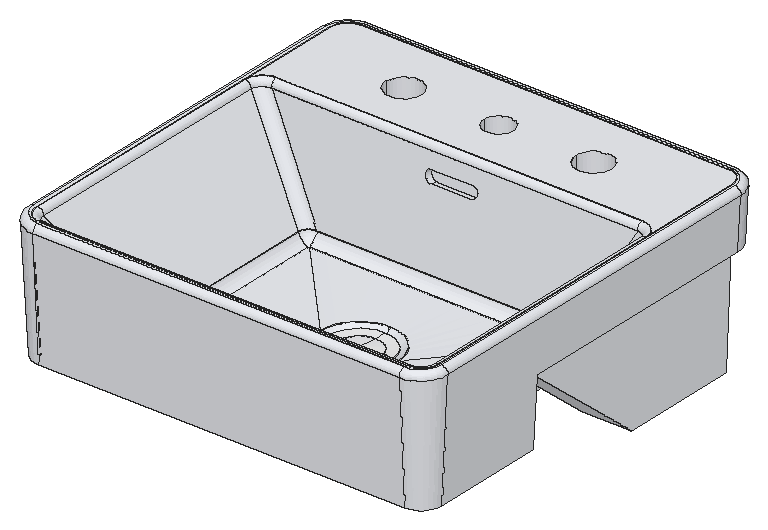
Revit family "CLARK SQUARE 400 SRB", category Plumbing Fixtures, host Face, Revit 2015
Parameters (values of type "CLARK SQUARE 400 SRB 3TH")
  Waste Connection = yes
  Vent Connection = no
  URL = "https://www.clark.com.au/"
  Tap Penetrations = if([3 Tapholes], 80 mm, 5 mm)  # 80 mm
  Spout Penetration = if(or([1 Taphole], [3 Tapholes]), 80 mm, 5 mm)  # 80 mm
  Model = "CL40005-W3"
  Material_Waste = GWA_Metal-Chrome
  Material_Basin = GWA-Porcelain-White
  Manufacturer = "GWA Bathrooms & Kitchens"  # constant formula
  HW Connection = no
  Description = "CLARK SQUARE 400 SRB 3TH"
  Default Elevation = 0 mm
  CreatedBy_ANZRS = "GWA Bathrooms & Kitchens"  # constant formula
  CW Connection = no
  Assembly Code = "D2010400"
  3 Tapholes = yes
  1 Taphole = yes
Types (3, lengths in mm): name | Tap Penetrations | Model | Description | 3 Tapholes
  (no name) | 80 | "CL40005-W3" | "CLARK SQUARE 400 SRB 3TH" | yes
  CLARK SQUARE 400 SRB 1TH | 5 | "CL40005-W1" | "CLARK SQUARE 400 SRB 1TH" | no
  CLARK SQUARE 400 SRB 3TH | 80 | "CL40005-W3" | "CLARK SQUARE 400 SRB 3TH" | yes
Reference planes
  plane 1 "Center (Front/Back)": y = 0
  plane 2: z = 0
  plane 3 "Center (Left/Right)": x = 0
  plane 4: y = 55
  plane 5: y = -55
  plane 6: y = -59.5
  plane 7: y = -45
  plane 8: y = -45
  plane 9: y = -65
Forms (mm)
  Sweep 1, solid, not visible
    path in 3D
      loop
        line (-200, 55, 0) -> (-200, 55, 374)
        arc (-200, 55, 374) -> (-192.385, 55, 392.385) -> (-174, 55, 400) r 26
        line (-174, 55, 400) -> (174, 55, 400)
        arc (174, 55, 400) -> (192.385, 55, 392.385) -> (200, 55, 374) r 26
        line (200, 55, 374) -> (200, 55, 0)
    profile origin (0, 55, 400) x (0, 0, 1) y (0, -1, 0)
      loop
        line (-4, 120) -> (-14, 120) -> (-8.493, 6) -> (-8.5, 0) -> (-6.203, 0)
        arc (-6.203, 0) -> (-1.891, 1.829) -> (-0.207, 6.2) r 6
        line (-0.207, 6.2) -> (-4, 120)
  Sweep 2, solid, not visible
    path in 3D
      loop
        arc (138, -45, 348) -> (145.071, -45, 345.071) -> (148, -45, 338) r 10
        line (148, -45, 338) -> (148, -45, 138)
        arc (148, -45, 138) -> (145.071, -45, 130.929) -> (138, -45, 128) r 10
        line (138, -45, 128) -> (-138, -45, 128)
        arc (-138, -45, 128) -> (-145.071, -45, 130.929) -> (-148, -45, 138) r 10
        line (-148, -45, 138) -> (-148, -45, 338)
        arc (-148, -45, 338) -> (-145.071, -45, 345.071) -> (-138, -45, 348) r 10
        line (-138, -45, 348) -> (138, -45, 348)
    profile origin (0, -45, 348) x (0, 0, 1) y (0, -1, 0)
      loop
        line (0, 0) -> (0, 10) -> (-9.5, 10)
        arc (-9.5, 10) -> (-2.988, 6.674) -> (0, 0) r 11
  Sweep 3, solid, not visible
    path in 3D
      loop
        arc (174, 55, 391.5) -> (186.374, 55, 386.374) -> (191.5, 55, 374) r 17.5
        line (191.5, 55, 374) -> (191.5, 55, 126)
        arc (191.5, 55, 126) -> (186.374, 55, 113.626) -> (174, 55, 108.5) r 17.5
        line (174, 55, 108.5) -> (-174, 55, 108.5)
        arc (-174, 55, 108.5) -> (-186.374, 55, 113.626) -> (-191.5, 55, 126) r 17.5
        line (-191.5, 55, 126) -> (-191.5, 55, 374)
        arc (-191.5, 55, 374) -> (-186.374, 55, 386.374) -> (-174, 55, 391.5) r 17.5
        line (-174, 55, 391.5) -> (174, 55, 391.5)
    profile origin (0, 55, 391.5) x (0, 0, 1) y (0, -1, 0)
      loop
        line (0, 0.007) -> (0.007, 6) -> (-5.993, 6)
        arc (-5.993, 6) -> (-4.236, 1.764) -> (0, 0.007) r 6
  Extrusion 4, solid, not visible
    sketch origin (0, -55, 0) x (0, 0, 1) y (-1, 0, 0)
      loop
        line (348, -138) -> (348, 138)
        arc (348, 138) -> (345.071, 145.071) -> (338, 148) r 10
        line (338, 148) -> (138, 148)
        arc (138, 148) -> (130.929, 145.071) -> (128, 138) r 10
        line (128, 138) -> (128, -138)
        arc (128, -138) -> (130.929, -145.071) -> (138, -148) r 10
        line (138, -148) -> (338, -148)
        arc (338, -148) -> (345.071, -145.071) -> (348, -138) r 10
    from 0 to 10
  Blend 5, void, not visible
    base sketch origin (0, -59.5, 0) x (0, 0, 1) y (-1, 0, 0)
      loop
        circle (238, 0) r 37
    top sketch origin (0, -55, 0) x (0, 0, 1) y (-1, 0, 0)
      loop
        line (338.5, 138.5) -> (137.5, 138.5) -> (137.5, -138.5) -> (338.5, -138.5) -> (338.5, 138.5)
    from 0 to 0
  Blend 6, solid, not visible
    base sketch origin (0, -65, 0) x (0, 0, 1) y (-1, 0, 0)
      loop
        line (354, -144) -> (354, 144)
        arc (354, 144) -> (351.071, 151.071) -> (344, 154) r 10
        line (344, 154) -> (132, 154)
        arc (132, 154) -> (124.929, 151.071) -> (122, 144) r 10
        line (122, 144) -> (122, -144)
        arc (122, -144) -> (124.929, -151.071) -> (132, -154) r 10
        line (132, -154) -> (344, -154)
        arc (344, -154) -> (351.071, -151.071) -> (354, -144) r 10
    top sketch origin (0, -65, 0) x (0, 0, 1) y (-1, 0, 0)
      loop
        line (391.5, -174) -> (391.5, 174)
        arc (391.5, 174) -> (386.374, 186.374) -> (374, 191.507) r 17.5
        line (374, 191.507) -> (126, 191.5)
        arc (126, 191.5) -> (113.626, 186.374) -> (108.493, 174) r 17.5
        line (108.493, 174) -> (108.5, -174)
        arc (108.5, -174) -> (113.626, -186.374) -> (126, -191.507) r 17.5
        line (126, -191.507) -> (374, -191.5)
        arc (374, -191.5) -> (386.374, -186.374) -> (391.5, -174) r 17.5
    from 0 to -114
  Blend 7, void, not visible
    base sketch origin (0, -45, 0) x (0, 0, 1) y (-1, 0, 0)
      loop
        line (338, 148) -> (138, 148)
        arc (138, 148) -> (130.929, 145.071) -> (128, 138) r 10
        line (128, 138) -> (128, -138)
        arc (128, -138) -> (130.929, -145.071) -> (138, -148) r 10
        line (138, -148) -> (338, -148)
        arc (338, -148) -> (345.071, -145.071) -> (348, -138) r 10
        line (348, -138) -> (348, 138)
        arc (348, 138) -> (345.071, 145.071) -> (338, 148) r 10
    top sketch origin (0, -45, 0) x (0, 0, 1) y (-1, 0, 0)
      loop
        line (114.493, 174) -> (114.493, -174)
        arc (114.493, -174) -> (117.863, -182.137) -> (126, -185.507) r 11.507
        line (126, -185.507) -> (374, -185.507)
        arc (374, -185.507) -> (382.137, -182.137) -> (385.507, -174) r 11.507
        line (385.507, -174) -> (385.507, 174)
        arc (385.507, 174) -> (382.137, 182.137) -> (374, 185.507) r 11.507
        line (374, 185.507) -> (126, 185.507)
        arc (126, 185.507) -> (117.863, 182.137) -> (114.493, 174) r 11.507
    from 0 to -94
  Extrusion 8, void, not visible
    sketch origin (0, -45, 0) x (0, 0, 1) y (-1, 0, 0)
      loop
        line (348, -138) -> (348, 138)
        arc (348, 138) -> (345.071, 145.071) -> (338, 148) r 10
        line (338, 148) -> (138, 148)
        arc (138, 148) -> (130.929, 145.071) -> (128, 138) r 10
        line (128, 138) -> (128, -138)
        arc (128, -138) -> (130.929, -145.071) -> (138, -148) r 10
        line (138, -148) -> (338, -148)
        arc (338, -148) -> (345.071, -145.071) -> (348, -138) r 10
    from 0 to 36.143
  Extrusion 9, solid, not visible
    sketch origin (0, 55, 0) x (0, 0, 1) y (-1, 0, 0)
      loop
        arc (126, -191.5) -> (113.626, -186.374) -> (108.5, -174) r 17.5
        line (108.5, -174) -> (108.5, 174)
        arc (108.5, 174) -> (113.626, 186.374) -> (126, 191.5) r 17.5
        line (126, 191.5) -> (0, 191.5) -> (0, -191.5) -> (126, -191.5)
    from 0 to 6
  Extrusion 10, solid, not visible
    sketch origin (0, 0, 0) x (1, 0, 0) y (0, 1, 0)
      loop
        line (-186, -65) -> (186, -65) -> (191.5, 49) -> (-191.5, 49) -> (-186, -65)
    from 0 to 20
  Extrusion 11, void, not visible
    sketch origin (194.515, -138.338, 0) x (1, 0, 0) y (0, 1, 0)
      loop
        arc (-119.515, 148.338) -> (-129.515, 138.338) -> (-119.515, 128.338) r 10
        line (-119.515, 128.338) -> (-109.515, 128.338)
        arc (-109.515, 128.338) -> (-99.515, 138.338) -> (-109.515, 148.338) r 10
        line (-109.515, 148.338) -> (-119.515, 148.338)
    from -20 to 20
  Extrusion 12, void, not visible
    sketch origin (34.515, -138.338, 0) x (1, 0, 0) y (0, 1, 0)
      loop
        arc (-119.515, 148.338) -> (-129.515, 138.338) -> (-119.515, 128.338) r 10
        line (-119.515, 128.338) -> (-109.515, 128.338)
        arc (-109.515, 128.338) -> (-99.515, 138.338) -> (-109.515, 148.338) r 10
        line (-109.515, 148.338) -> (-119.515, 148.338)
    from -20 to 20
  Extrusion 13, void, not visible
    sketch origin (0, 0, 0) x (1, 0, 0) y (0, 1, 0)
      loop
        circle (0, -135) r 120
    from -20 to 20
  Extrusion 14, void, not visible
    sketch origin (59.761, -146.11, 141.816) x (1, 0, 0) y (0, 0.990268, -0.139173)
      loop
        arc (-78.761, 181.898) -> (-84.761, 175.898) -> (-78.761, 169.898) r 6
        line (-78.761, 169.898) -> (-40.761, 169.898)
        arc (-40.761, 169.898) -> (-34.761, 175.898) -> (-40.761, 181.898) r 6
        line (-40.761, 181.898) -> (-78.761, 181.898)
    from -20 to 20
  Extrusion 15, void, not visible
    sketch origin (0, -45, 0) x (0, 0, 1) y (-1, 0, 0)
      loop
        circle (238, 0) r 37
    from -20 to 21.723
  Revolve 16, solid, not visible
    sketch origin (0, 0, 0) x (0, 1, 0) y (0, 0, 1)
      loop
        line (-59.5, 275) -> (-65, 275) -> (-65, 281.487) -> (-75.487, 271) -> (-107.487, 270) -> (-107.487, 260) -> (-72.487, 260) -> (-60.069, 272.717) -> (-59.5, 274.114) -> (-59.5, 275)
      axis (-59.5, 238) -> (-107.487, 238)
    angle from 0 to 360
  Extrusion 17, solid, not visible
    sketch origin (0, 0, 0) x (0, 1, 0) y (0, 0, 1)
      loop
        line (-65, 194.513) -> (-75.487, 205) -> (-75.487, 238) -> (-102.668, 238) -> (-102.668, 139.668) -> (-65, 102) -> (49, 88.493) -> (49, 108.493) -> (-65, 122) -> (-65, 194.513)
    from -30 to 30
  Extrusion 18, void, not visible
    sketch origin (0, -45, 0) x (0, 0, 1) y (-1, 0, 0)
      loop
        circle (238, 0) r 22.5
    from 0 to 100
  Sweep 19, solid, material "GWA-Porcelain-White" <- "Material_Basin"
    path origin (0, 0, 55) x (-1, 0, 0) y (0, -1, 0)
      loop
        arc (174, -230) -> (192.385, -222.385) -> (200, -204) r 26
        line (200, -204) -> (200, 144)
        arc (200, 144) -> (192.385, 162.385) -> (174, 170) r 26
        line (174, 170) -> (-174, 170)
        arc (-174, 170) -> (-192.385, 162.385) -> (-200, 144) r 26
        line (-200, 144) -> (-200, -204)
        arc (-200, -204) -> (-192.385, -222.385) -> (-174, -230) r 26
        line (-174, -230) -> (174, -230)
    profile origin (0, 230, 55) x (0, 1, 0) y (0, 0, 1)
      loop
        line (-6.339, 0) -> (-9, 0) -> (-15.6, -120) -> (-6.6, -120) -> (-0.348, -6.33)
        arc (-0.348, -6.33) -> (-1.981, -1.876) -> (-6.339, 0) r 6
  Sweep 20, solid, material "GWA-Porcelain-White" <- "Material_Basin"
    path in 3D
      loop
        arc (-174, -161, 55) -> (-186.021, -156.021, 55) -> (-191, -144, 55) r 17
        line (-191, -144, 55) -> (-191, 102.5, 55)
        arc (-191, 102.5, 55) -> (-186.021, 114.521, 55) -> (-174, 119.5, 55) r 17
        line (-174, 119.5, 55) -> (174, 119.5, 55)
        arc (174, 119.5, 55) -> (186.021, 114.521, 55) -> (191, 102.5, 55) r 17
        line (191, 102.5, 55) -> (191, -144, 55)
        arc (191, -144, 55) -> (186.021, -156.021, 55) -> (174, -161, 55) r 17
        line (174, -161, 55) -> (-174, -161, 55)
    profile origin (0, -161, 55) x (0, -1, 0) y (0, 0, 1)
      loop
        arc (0, 0) -> (-4.243, -1.757) -> (-6, -6) r 6
        line (-6, -6) -> (-0.33, -6) -> (0, 0)
  Sweep 21, solid, material "GWA-Porcelain-White" <- "Material_Basin"
    path in 3D
      loop
        arc (-119, -90, -57) -> (-119.707, -89.707, -57) -> (-120, -89, -57) r 1
        line (-120, -89, -57) -> (-120, 89, -57)
        arc (-120, 89, -57) -> (-119.707, 89.707, -57) -> (-119, 90, -57) r 1
        line (-119, 90, -57) -> (119, 90, -57)
        arc (119, 90, -57) -> (119.707, 89.707, -57) -> (120, 89, -57) r 1
        line (120, 89, -57) -> (120, -89, -57)
        arc (120, -89, -57) -> (119.707, -89.707, -57) -> (119, -90, -57) r 1
        line (119, -90, -57) -> (-119, -90, -57)
    profile origin (0, -90, -57) x (0, -1, 0) y (0, 0, 1)
      loop
        line (0, 0) -> (18, 0) -> (18, 10) -> (9, 10)
        arc (9, 10) -> (5.684, 3.934) -> (0, 0) r 15
  Blend 22, solid, material "GWA-Porcelain-White" <- "Material_Basin"
    base sketch origin (0, 0, -57) x (-1, 0, 0) y (0, -1, 0)
      loop
        line (-119, -108) -> (119, -108)
        arc (119, -108) -> (132.435, -102.435) -> (138, -89) r 19
        line (138, -89) -> (138, 89)
        arc (138, 89) -> (132.435, 102.435) -> (119, 108) r 19
        line (119, 108) -> (-119, 108)
        arc (-119, 108) -> (-132.435, 102.435) -> (-138, 89) r 19
        line (-138, 89) -> (-138, -89)
        arc (-138, -89) -> (-132.435, -102.435) -> (-119, -108) r 19
    top sketch origin (0, 0, -57) x (-1, 0, 0) y (0, -1, 0)
      loop
        line (-174, -119.17) -> (174, -119.17)
        arc (174, -119.17) -> (185.787, -114.287) -> (190.67, -102.5) r 16.67
        line (190.67, -102.5) -> (190.67, 144)
        arc (190.67, 144) -> (185.787, 155.787) -> (174, 160.67) r 16.67
        line (174, 160.67) -> (-174, 160.67)
        arc (-174, 160.67) -> (-185.787, 155.787) -> (-190.67, 144) r 16.67
        line (-190.67, 144) -> (-190.67, -102.5)
        arc (-190.67, -102.5) -> (-185.787, -114.287) -> (-174, -119.17) r 16.67
    from 0 to 106
  Extrusion 23, solid, material "GWA-Porcelain-White" <- "Material_Basin"
    sketch origin (0, 0, -57) x (-1, 0, 0) y (0, -1, 0)
      loop
        line (138, -89) -> (138, 89)
        arc (138, 89) -> (132.435, 102.435) -> (119, 108) r 19
        line (119, 108) -> (-119, 108)
        arc (-119, 108) -> (-132.435, 102.435) -> (-138, 89) r 19
        line (-138, 89) -> (-138, -89)
        arc (-138, -89) -> (-132.435, -102.435) -> (-119, -108) r 19
        line (-119, -108) -> (119, -108)
        arc (119, -108) -> (132.435, -102.435) -> (138, -89) r 19
    from 0 to -10
  Blend 24, void
    base sketch origin (0, 0, -47) x (1, 0, 0) y (0, 1, 0)
      loop
        line (129, -89) -> (129, 89)
        arc (129, 89) -> (126.071, 96.071) -> (119, 99) r 10
        line (119, 99) -> (-119, 99)
        arc (-119, 99) -> (-126.071, 96.071) -> (-129, 89) r 10
        line (-129, 89) -> (-129, -89)
        arc (-129, -89) -> (-126.071, -96.071) -> (-119, -99) r 10
        line (-119, -99) -> (119, -99)
        arc (119, -99) -> (126.071, -96.071) -> (129, -89) r 10
    top sketch origin (0, 0, -47) x (1, 0, 0) y (0, 1, 0)
      loop
        arc (-185, -144) -> (-181.778, -151.778) -> (-174, -155) r 11
        line (-174, -155) -> (174, -155)
        arc (174, -155) -> (181.778, -151.778) -> (185, -144) r 11
        line (185, -144) -> (185, 102.5)
        arc (185, 102.5) -> (181.778, 110.278) -> (174, 113.5) r 11
        line (174, 113.5) -> (-174, 113.5)
        arc (-174, 113.5) -> (-181.778, 110.278) -> (-185, 102.5) r 11
        line (-185, 102.5) -> (-185, -144)
    from 0 to 96
  Extrusion 25, void
    sketch origin (0, 0, -47) x (1, 0, 0) y (0, 1, 0)
      loop
        arc (119, -99) -> (126.071, -96.071) -> (129, -89) r 10
        line (129, -89) -> (129, 89)
        arc (129, 89) -> (126.071, 96.071) -> (119, 99) r 10
        line (119, 99) -> (-119, 99)
        arc (-119, 99) -> (-126.071, 96.071) -> (-129, 89) r 10
        line (-129, 89) -> (-129, -89)
        arc (-129, -89) -> (-126.071, -96.071) -> (-119, -99) r 10
        line (-119, -99) -> (119, -99)
    from 0 to -20
  Extrusion 26, void
    sketch origin (0, 0, -47) x (1, 0, 0) y (0, 1, 0)
      loop
        circle (0, 0) r 37
    from 0 to -50
  Blend 27, void
    base sketch origin (0, 0, -57) x (-1, 0, 0) y (0, -1, 0)
      loop
        line (120, -90) -> (120, 90) -> (-120, 90) -> (-120, -90) -> (120, -90)
    top sketch origin (0, 0, -57) x (-1, 0, 0) y (0, -1, 0)
      loop
        circle (0, 0) r 37
    from 0 to -3
  Revolve 28, solid, material "GWA-Porcelain-White" <- "Material_Basin"
    sketch origin (0, 0, 0) x (0, 1, 0) y (0, 0, 1)
      loop
        line (23, -73) -> (23, -108) -> (31, -108) -> (31, -76.489) -> (41.218, -67) -> (37, -67) -> (37, -60) -> (23, -73)
      axis (0, -60) -> (0, -108)
    angle from 0 to 360
  Extrusion 29, solid, material "GWA-Porcelain-White" <- "Material_Basin"
    sketch origin (0, 0, 0) x (0, 1, 0) y (0, 0, 1)
      loop
        line (93, -108) -> (205, -108) -> (210.94, 0) -> (-35.709, 0) -> (93, -108)
    from -185 to 185
  Extrusion 30, void
    sketch origin (0, 0, 0) x (0, 1, 0) y (0, 0, 1)
      loop
        line (-35, 0) -> (-35, -130) -> (248.047, -130) -> (248.047, 0) -> (-35, 0)
    from -250 to 250
  Extrusion 31, void
    sketch origin (0, 0, 0) x (1, 0, 0) y (0, 0, 1)
      loop
        line (-138, -57) -> (-138, -117) -> (138, -117) -> (138, -57) -> (190.67, 49) -> (-190.67, 49) -> (-138, -57)
    from -339.004 to 400
  Extrusion 32, solid, material "GWA-Porcelain-White" <- "Material_Basin"
    sketch origin (0, 0, 55) x (-1, 0, 0) y (0, -1, 0)
      loop
        line (191, -204) -> (191, -102.5)
        arc (191, -102.5) -> (186.021, -114.521) -> (174, -119.5) r 17
        line (174, -119.5) -> (-174, -119.5)
        arc (-174, -119.5) -> (-186.021, -114.521) -> (-191, -102.5) r 17
        line (-191, -102.5) -> (-191, -204)
        arc (-191, -204) -> (-186.021, -216.021) -> (-174, -221) r 17
        line (-174, -221) -> (174, -221)
        arc (174, -221) -> (186.021, -216.021) -> (191, -204) r 17
    from 0 to -20
  Extrusion 33, void
    sketch origin (44.885, 125.81, -55.728) x (1, 0, 0) y (0, 0.156434, 0.987688)
      loop
        arc (-63.885, 87.165) -> (-69.885, 81.165) -> (-63.885, 75.165) r 6
        line (-63.885, 75.165) -> (-25.885, 75.165)
        arc (-25.885, 75.165) -> (-19.885, 81.165) -> (-25.885, 87.165) r 6
        line (-25.885, 87.165) -> (-63.885, 87.165)
    from 0 to 50
  Extrusion 34, solid, material "GWA-Porcelain-White" <- "Material_Basin"
    sketch origin (0, 0, 0) x (0, 1, 0) y (0, 0, 1)
      loop
        line (117.695, 35) -> (108, -57) -> (108, -67) -> (8.544, -67) -> (8.544, -106.489) -> (31, -106.489) -> (106.353, -102.539)
        arc (106.353, -102.539) -> (119.071, -97.076) -> (125.196, -84.663) r 20
        line (125.196, -84.663) -> (137.805, 35) -> (117.695, 35)
    from -30 to 30
  Revolve 35, void
    sketch origin (0, 0, 0) x (0, 1, 0) y (0, 0, 1)
      loop
        line (46.603, -62) -> (0, -62) -> (0, -108) -> (31, -108) -> (31, -76.489) -> (46.603, -62)
      axis (0, -62) -> (0, -108)
    angle from 0 to 360
  Sweep 36, solid, material "GWA-Porcelain-White" <- "Material_Basin"
    path origin (0, 0, -65) x (1, 0, 0) y (0, 1, 0)
      loop
        line (0, -154.4) -> (184.4, -154.4) -> (184.4, -35)
    profile origin (92.2, -154.4, -65) x (0, 1, 0) y (0, 0, 1)
      loop
        arc (0, 0) -> (30.966, -13.415) -> (64.4, -18) r 124.204
        line (64.4, -18) -> (64.4, 0) -> (0, 0)
  Sweep 37, solid, material "GWA-Porcelain-White" <- "Material_Basin"
    path origin (0, 0, -65) x (-1, 0, 0) y (0, 1, 0)
      loop
        line (0, -154.4) -> (184.4, -154.4) -> (184.4, -35)
    profile origin (-92.2, -154.4, -65) x (0, -1, 0) y (0, 0, 1)
      loop
        line (0, 0) -> (-64.4, 0) -> (-64.4, -18)
        arc (-64.4, -18) -> (-30.966, -13.415) -> (0, 0) r 124.204
  Extrusion 38, solid, material "GWA-Porcelain-White" <- "Material_Basin"
    sketch origin (0, 0, -65) x (1, 0, 0) y (0, 1, 0)
      loop
        line (0, -90) -> (120, -90) -> (120, -35) -> (-120, -35) -> (-120, -90) -> (0, -90)
    from -2 to -18
  Extrusion 39, void
    sketch origin (0, -22.393, 0) x (1, 0, 0) y (0, 1, 0)
      loop
        circle (0, 188.393) r 14
    from 0 to 80 <- "Spout Penetration"
  Revolve 40, solid, material "GWA_Metal-Chrome" <- "Material_Waste"
    sketch origin (0, -78.484, -222.995) x (0, 1, 0) y (0, 0, 1)
      loop
        line (95.607, 133.565) -> (97.728, 137.24) -> (97.728, 150.89) -> (99.827, 155.393) -> (99.827, 159.253) -> (108.473, 160.565) -> (108.473, 161.365) -> (98.478, 160.49) -> (98.478, 155.692) -> (95.729, 149.795) -> (95.729, 137.775) -> (93.299, 133.565) -> (95.607, 133.565)
      axis (78.484, 161.365) -> (78.484, 133.565)
    angle from 0 to 360
  Revolve 41, solid, material "GWA_Metal-Chrome" <- "Material_Waste"
    sketch origin (0, -78.484, -222.995) x (0, 1, 0) y (0, 0, 1)
      loop
        line (98.178, 159.504) -> (98.178, 160.504)
        arc (98.178, 160.504) -> (88.381, 161.998) -> (78.484, 162.514) r 100
        line (78.484, 162.514) -> (78.484, 159.504) -> (98.178, 159.504)
      axis (78.484, 162.514) -> (78.484, 159.504)
    angle from 0 to 360
  Extrusion 42, void
    sketch origin (31.598, -116.025, 0) x (1, 0, 0) y (0, 1, 0)
      loop
        circle (-121.598, 282.025) r 17
    from 0 to 80 <- "Tap Penetrations"
  Extrusion 43, void
    sketch origin (211.598, -116.025, 0) x (1, 0, 0) y (0, 1, 0)
      loop
        circle (-121.598, 282.025) r 17
    from 0 to 80 <- "Tap Penetrations"
Cuts and joins
  Blend 24, Extrusion 25, Extrusion 33 cuts Blend 22
  Extrusion 26, Blend 27 cuts Extrusion 23
  Blend 27 cuts Sweep 21
  Extrusion 30 cuts Sweep 19
  Extrusion 31 cuts Extrusion 29
  Revolve 35 cuts Extrusion 34
  Extrusion 39, Extrusion 42, Extrusion 43 cuts Extrusion 32
Lines and regions (mm)
  Masking region 1
    outline origin (0, 0, 0) x (1, 0, 0) y (0, 1, 0)
      loop
        line (174, 229.661) -> (-174, 229.661)
        arc (-174, 229.661) -> (-192.385, 222.046) -> (-200, 203.661) r 26
        line (-200, 203.661) -> (-200, -144.339)
        arc (-200, -144.339) -> (-192.385, -162.724) -> (-174, -170.339) r 26
        line (-174, -170.339) -> (174, -170.339)
        arc (174, -170.339) -> (192.385, -162.724) -> (200, -144.339) r 26
        line (200, -144.339) -> (200, 203.661)
        arc (200, 203.661) -> (192.385, 222.046) -> (174, 229.661) r 26
  Masking region 2
    outline origin (0, -35, 0) x (0, 0, -1) y (1, 0, 0)
      loop
        line (-55, 193.675) -> (-55, -193.675)
        arc (-55, -193.675) -> (-53.124, -198.033) -> (-48.67, -199.666) r 6
        line (-48.67, -199.666) -> (65, -193.4) -> (65, -184.4)
        arc (65, -184.4) -> (78.415, -153.434) -> (83, -120) r 124.204
        line (83, -120) -> (83, 120)
        arc (83, 120) -> (78.415, 153.434) -> (65, 184.4) r 124.204
        line (65, 184.4) -> (65, 193.4) -> (-48.67, 199.666)
        arc (-48.67, 199.666) -> (-53.124, 198.033) -> (-55, 193.675) r 6
  Masking region 3
    outline origin (0, 0, 0) x (0, 1, 0) y (0, 0, 1)
      loop
        line (223.652, 55) -> (-163.678, 55)
        arc (-163.678, 55) -> (-168.036, 53.124) -> (-169.669, 48.67) r 6
        line (-169.669, 48.67) -> (-163.4, -65) -> (-154.4, -65)
        arc (-154.4, -65) -> (-123.434, -78.415) -> (-90, -83) r 124.204
        line (-90, -83) -> (-35, -83) -> (-35, 0) -> (226.975, 0) -> (229.643, 48.672)
        arc (229.643, 48.672) -> (228.01, 53.125) -> (223.652, 55) r 6
  model lines, not visible
    curve 1: line (-200, 55, 0) -> (-200, 55, 374)
    curve 2: line (-174, 55, 400) -> (174, 55, 400)
    curve 3: line (200, 55, 374) -> (200, 55, 0)
    curve 4: arc (-174, 55, 400) -> (-192.385, 55, 392.385) -> (-200, 55, 374) r 26
    curve 5: arc (174, 55, 400) -> (192.385, 55, 392.385) -> (200, 55, 374) r 26
    curve 6: line (0, 48.8, 399.793) -> (0, -65, 396)
    curve 7: line (0, -65, 396) -> (0, -65, 386)
    curve 8: line (0, 55, 393.797) -> (0, 55, 390)
    curve 9: line (0, 55, 390) -> (0, -65, 386)
    curve 10: arc (0, 55, 393.797) -> (0, 53.171, 398.109) -> (0, 48.8, 399.793) r 6
    curve 16: line (-138, -55, 338) -> (138, -55, 338)
    curve 17: line (-138, -55, 138) -> (-138, -55, 338)
    curve 18: line (138, -55, 338) -> (138, -55, 138)
    curve 19: line (-251.189, -55, 238) -> (363.811, -55, 238)
    curve 20: circle (0, -59.5, 238) r 37 normal (0, -1, 0)
    curve 21: line (-138, -45, 348) -> (138, -45, 348)
    curve 22: line (-148, -45, 138) -> (-148, -45, 338)
    curve 23: line (148, -45, 338) -> (148, -45, 138)
    curve 24: arc (-148, -45, 338) -> (-145.071, -45, 345.071) -> (-138, -45, 348) r 10
    curve 25: arc (138, -45, 348) -> (145.071, -45, 345.071) -> (148, -45, 338) r 10
    curve 34: line (-174, 55, 391.5) -> (174, 55, 391.5)
    curve 35: line (-191.5, 55, 126) -> (-191.5, 55, 374)
    curve 36: line (191.5, 55, 374) -> (191.5, 55, 126)
    curve 37: arc (174, 55, 391.5) -> (186.374, 55, 386.374) -> (191.5, 55, 374) r 17.5
    curve 38: arc (-191.5, 55, 374) -> (-186.374, 55, 386.374) -> (-174, 55, 391.5) r 17.5
    curve 47: line (154, -65, 132) -> (154, -65, 344)
    curve 48: arc (144, -65, 354) -> (151.071, -65, 351.071) -> (154, -65, 344) r 10
    curve 49: line (144, -65, 354) -> (-144, -65, 354)
    curve 50: arc (-154, -65, 344) -> (-151.071, -65, 351.071) -> (-144, -65, 354) r 10
    curve 51: line (-154, -65, 344) -> (-154, -65, 132)
    curve 52: line (0, -65, 238) -> (0, -65, 122)
    curve 53: line (0, -65, 122) -> (0, 49, 108.493)
    curve 54: line (0, -59.5, 275) -> (0, -65, 275)
    curve 55: line (0, -75.487, 271) -> (0, -65, 281.487)
    curve 56: line (0, -107.487, 270) -> (0, -75.487, 271)
    curve 57: line (0, -107.487, 270) -> (0, -107.487, 260)
    curve 58: line (0, -59.5, 275) -> (0, -59.5, 273.3)
    curve 59: line (0, -107.487, 260) -> (0, -72.487, 260)
    curve 60: line (0, -72.487, 260) -> (0, -59.5, 273.3)
    curve 61: line (0, -65, 238) -> (0, -126.787, 238)
    curve 62: line (0, -65, 275) -> (0, -65, 281.487)
    curve 63: line (0, 49, 108.493) -> (0, -65, 122)
    curve 64: line (0, -65, 194.513) -> (0, -75.487, 205)
    curve 65: line (0, -75.487, 205) -> (0, -105.472, 205.937)
    curve 66: line (0, -105.472, 205.937) -> (0, -102.668, 139.668)
    curve 67: line (0, 49, 108.493) -> (0, 49, 88.493)
    curve 68: line (0, -65, 102) -> (0, 49, 88.493)
    curve 69: line (0, -65, 102) -> (0, -102.668, 139.668)
    curve 70: line (0, -65, 194.513) -> (0, -65, 122)
  sketch lines, not visible
    curve 11: line (-174, 55, 400) -> (174, 55, 400)
    curve 12: arc (-174, 55, 400) -> (-192.385, 55, 392.385) -> (-200, 55, 374) r 26
    curve 13: line (-200, 55, 0) -> (-200, 55, 374)
    curve 14: arc (174, 55, 400) -> (192.385, 55, 392.385) -> (200, 55, 374) r 26
    curve 15: line (200, 55, 374) -> (200, 55, 0)
    curve 26: line (-138, -45, 348) -> (138, -45, 348)
    curve 27: arc (-148, -45, 338) -> (-145.071, -45, 345.071) -> (-138, -45, 348) r 10
    curve 28: arc (-148, -45, 138) -> (-145.071, -45, 130.929) -> (-138, -45, 128) r 10
    curve 29: line (-148, -45, 138) -> (-148, -45, 338)
    curve 30: line (138, -45, 128) -> (-138, -45, 128)
    curve 31: arc (138, -45, 128) -> (145.071, -45, 130.929) -> (148, -45, 138) r 10
    curve 32: arc (138, -45, 348) -> (145.071, -45, 345.071) -> (148, -45, 338) r 10
    curve 33: line (148, -45, 338) -> (148, -45, 138)
    curve 39: line (-174, 55, 391.5) -> (174, 55, 391.5)
    curve 40: arc (-191.5, 55, 374) -> (-186.374, 55, 386.374) -> (-174, 55, 391.5) r 17.5
    curve 41: line (-191.5, 55, 126) -> (-191.5, 55, 374)
    curve 42: arc (-191.5, 55, 126) -> (-186.374, 55, 113.626) -> (-174, 55, 108.5) r 17.5
    curve 43: line (174, 55, 108.5) -> (-174, 55, 108.5)
    curve 44: arc (174, 55, 108.5) -> (186.374, 55, 113.626) -> (191.5, 55, 126) r 17.5
    curve 45: line (191.5, 55, 374) -> (191.5, 55, 126)
    curve 46: arc (174, 55, 391.5) -> (186.374, 55, 386.374) -> (191.5, 55, 374) r 17.5
  sketch lines
    curve 71: line (174, -161, 55) -> (-174, -161, 55)
    curve 72: arc (-191, -144, 55) -> (-186.021, -156.021, 55) -> (-174, -161, 55) r 17
    curve 73: line (191, -144, 55) -> (191, 102.5, 55)
    curve 74: line (-191, -144, 55) -> (-191, 102.5, 55)
    curve 75: arc (-174, 119.5, 55) -> (-186.021, 114.521, 55) -> (-191, 102.5, 55) r 17
    curve 76: line (-174, 119.5, 55) -> (174, 119.5, 55)
    curve 77: arc (191, 102.5, 55) -> (186.021, 114.521, 55) -> (174, 119.5, 55) r 17
    curve 78: arc (174, -161, 55) -> (186.021, -156.021, 55) -> (191, -144, 55) r 17
    curve 79: line (119, -90, -57) -> (-119, -90, -57)
    curve 80: arc (120, -89, -57) -> (119.707, -89.707, -57) -> (119, -90, -57) r 1
    curve 81: line (120, 89, -57) -> (120, -89, -57)
    curve 82: arc (120, 89, -57) -> (119.707, 89.707, -57) -> (119, 90, -57) r 1
    curve 83: line (-119, 90, -57) -> (119, 90, -57)
    curve 84: arc (-120, 89, -57) -> (-119.707, 89.707, -57) -> (-119, 90, -57) r 1
    curve 85: line (-120, -89, -57) -> (-120, 89, -57)
    curve 86: arc (-119, -90, -57) -> (-119.707, -89.707, -57) -> (-120, -89, -57) r 1
  symbolic lines
    curve 87: line (-175, 113.5, 0) -> (175, 113.5, 0)
    curve 88: line (185, 103.5, 0) -> (185, -145, 0)
    curve 89: line (-175, -155, 0) -> (175, -155, 0)
    curve 90: arc (185, -144, 0) -> (181.778, -151.778, 0) -> (174, -155, 0) r 11
    curve 91: circle (0, 0, 0) r 20 normal (0, 0, 1)
    curve 92: circle (0, 0, 0) r 30 normal (0, 0, 1)
    curve 93: line (174, 229.661, 0) -> (-174, 229.661, 0)
    curve 94: line (174, -170.339, 0) -> (-174, -170.339, 0)
    curve 95: line (-200, 203.661, 0) -> (-200, -144.339, 0)
    curve 96: line (200, 203.661, 0) -> (200, -144.339, 0)
    curve 97: arc (-200, -144.339, 0) -> (-192.385, -162.724, 0) -> (-174, -170.339, 0) r 26
    curve 98: arc (174, -170.339, 0) -> (192.385, -162.724, 0) -> (200, -144.339, 0) r 26
    curve 99: arc (174, 229.661, 0) -> (192.385, 222.046, 0) -> (200, 203.661, 0) r 26
    curve 100: arc (-174, 229.661, 0) -> (-192.385, 222.046, 0) -> (-200, 203.661, 0) r 26
    curve 101: arc (175, 113.5, 0) -> (182.071, 110.571, 0) -> (185, 103.5, 0) r 10
    curve 102: arc (175, -155, 0) -> (182.071, -152.071, 0) -> (185, -145, 0) r 10
    curve 103: line (-185, 103.5, 0) -> (-185, -145, 0)
    curve 104: arc (-175, 113.5, 0) -> (-182.071, 110.571, 0) -> (-185, 103.5, 0) r 10
    curve 105: arc (-185, -145, 0) -> (-182.071, -152.071, 0) -> (-175, -155, 0) r 10
    curve 106: circle (0, 166, 0) r 14 normal (0, 0, 1)
    curve 107: line (193.675, -35, 55) -> (-193.675, -35, 55)
    curve 108: line (193.4, -35, -65) -> (-193.4, -35, -65)
    curve 109: line (-120, -35, -83) -> (120, -35, -83)
    curve 110: arc (-184.4, -35, -65) -> (-153.434, -35, -78.415) -> (-120, -35, -83) r 124.204
    curve 111: arc (120, -35, -83) -> (153.434, -35, -78.415) -> (184.4, -35, -65) r 124.204
    curve 112: line (-193.4, -35, -65) -> (-199.666, -35, 48.67)
    curve 113: arc (-199.666, -35, 48.67) -> (-198.033, -35, 53.124) -> (-193.675, -35, 55) r 6
    curve 114: line (193.4, -35, -65) -> (199.666, -35, 48.67)
    curve 115: arc (193.675, -35, 55) -> (198.033, -35, 53.124) -> (199.666, -35, 48.67) r 6
    curve 116: line (0, 223.652, 55) -> (0, -163.678, 55)
    curve 117: line (0, -35, -65) -> (0, -163.4, -65)
    curve 118: arc (0, -154.4, -65) -> (0, -123.434, -78.415) -> (0, -90, -83) r 124.204
    curve 119: line (0, -90, -83) -> (0, -35, -83)
    curve 120: line (0, -35, 0) -> (0, -35, -83)
    curve 121: line (0, 226.975, 0) -> (0, -35, 0)
    curve 122: line (0, 226.975, 0) -> (0, 229.643, 48.672)
    curve 123: line (0, -163.4, -65) -> (0, -169.669, 48.67)
    curve 124: arc (0, -163.678, 55) -> (0, -168.036, 53.124) -> (0, -169.669, 48.67) r 6
    curve 125: arc (0, 223.652, 55) -> (0, 228.01, 53.125) -> (0, 229.643, 48.672) r 6
  symbolic lines, visible <- "3 Tapholes"
    curve 126: circle (-90, 166, 0) r 17 normal (0, 0, 1)
    curve 128: circle (90, 166, 0) r 17 normal (0, 0, 1)
  symbolic lines, visible <- "1 Taphole"
    curve 127: circle (0, 166, 0) r 14 normal (0, 0, 1)
Dimensions and locks
  aligned and locked: plane 2 to host face
  aligned and locked: level to host face
Connectors
  piping at (0, 0, -108), diameter 60
    settings: on Revolve 28, index 1, connector inside diameter 609.6 mm, connector length 0 mm, flow factor 0, pipe flow 0.0 L/s, pressure drop 0.0 Pa, fitting loss kfactor 0, connector angle 0.00°, fixture units 0, engagement length 0 mm, angle of deflection 0.00°, flow configuration 3, flow direction 2, fitting loss method 0, system type 16, joint type 0, gender type 0, connector reference index -1, connector utility 0, adjustable connector no, is connector primary yes, connector description ""
